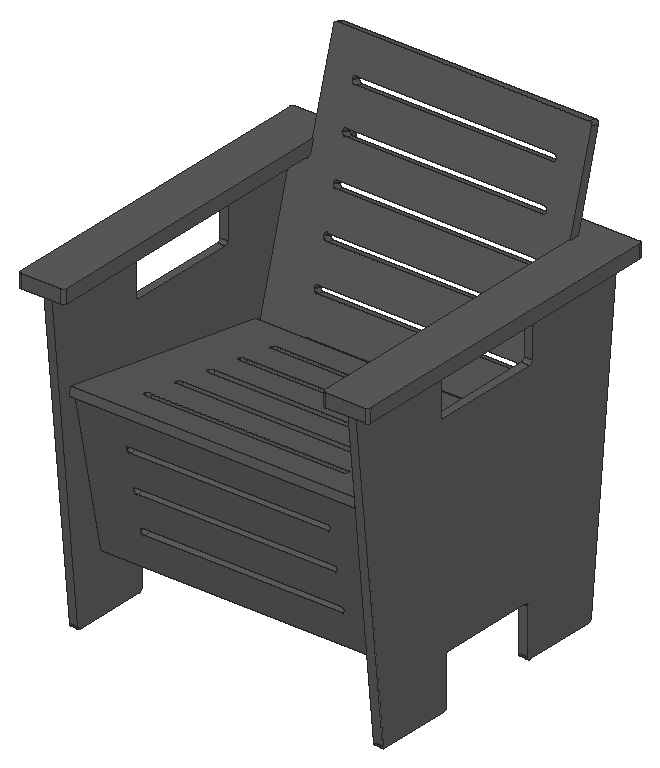
Revit family "Lollygagger Go Club Chair", category Furniture, Revit 2016 (continued)
Automatic sketch dimensions
  Masking region 5 sketch curve to plane 10 = 0' - 0 3/8"
  Masking region 5 sketch curve to plane 5 = 0' - 0 1/4"  (x3)
  Extrusion 7 sketch curve to plane 10 = 0' - 0"
  Extrusion 7 sketch curve to plane 7 = 0' - 0"
  Extrusion 7 sketch curve to plane 6 = 0' - 0"
  Extrusion 7 sketch curve to plane 18 = 0' - 0"
  Extrusion 7 sketch curve to plane 7 = 0' - 0.24727"
  Extrusion 7 sketch curve to Extrusion 7 sketch curve = 0' - 0.2492"
  Extrusion 7 sketch curve to plane 18 = 0' - 0.24727"
  Extrusion 7 sketch curve to Extrusion 7 sketch curve = 0' - 0 1/4"
  Extrusion 7 sketch curve to Extrusion 7 sketch curve = 0' - 1"
  plane 6 to Extrusion 7 sketch curve = 0' - 0.2492"
  Extrusion 7 sketch curve to Extrusion 7 sketch curve = 0' - 0.0008"
  Extrusion 7 sketch curve to plane 11 = 0' - 1.02843"
  Extrusion 8 sketch curve to plane 16 = 0' - 0"
  Extrusion 8 sketch curve to plane 14 = 0' - 0"
  plane 17 to Extrusion 8 sketch curve = 0' - 2 1/16"  (x5)
  Extrusion 8 sketch curve to Extrusion 8 sketch curve = 0' - 0 1/4"  (x10)
  Extrusion 8 sketch curve to Extrusion 8 sketch curve = 0' - 0"  (x10)
  Extrusion 8 sketch curve to plane 18 = 0' - 2 5/16"  (x5)
  Extrusion 8 sketch curve to Extrusion 8 sketch curve = 0' - 2.48958"  (x5)
  Extrusion 8 sketch curve to Extrusion 8 sketch curve = 0' - 0 1/16"  (x5)
  Extrusion 8 sketch curve to Extrusion 8 sketch curve = 0' - 2.73958"
  Extrusion 9 sketch curve to plane 21 = 0' - 0"
  Extrusion 9 sketch curve to plane 20 = 0' - 0.8937"
  plane 21 to Extrusion 9 sketch curve = 0' - 0.70593"
  Extrusion 9 sketch curve to Extrusion 9 sketch curve = 0' - 0.00384"
  Extrusion 9 sketch curve to Extrusion 9 sketch curve = 0' - 0.87548"
  plane 21 to Extrusion 9 sketch curve = 0' - 1.57665"
  Extrusion 9 sketch curve to Extrusion 9 sketch curve = 0' - 0.00476"
  Extrusion 9 sketch curve to Extrusion 9 sketch curve = 0' - 0.62752"
  plane 21 to Extrusion 9 sketch curve = 0' - 0.90927"
  Extrusion 9 sketch curve to Extrusion 9 sketch curve = 0' - 3.99994"
  Extrusion 9 sketch curve to Extrusion 9 sketch curve = 0' - 0.6187"
  plane 21 to Extrusion 9 sketch curve = 0' - 1.54813"
  Extrusion 9 sketch curve to Extrusion 9 sketch curve = 0' - 0.00477"
  Extrusion 9 sketch curve to Extrusion 9 sketch curve = 0' - 0.87462"
  plane 21 to Extrusion 9 sketch curve = 0' - 0.66513"
  Extrusion 9 sketch curve to Extrusion 9 sketch curve = 0' - 0.00362"
  Extrusion 9 sketch curve to Extrusion 9 sketch curve = 0' - 0.22984"
  Extrusion 10 sketch curve to plane 20 = 0' - 0"
  Extrusion 10 sketch curve to plane 1 "Center Front/Back" = 0' - 1.38284"
  Extrusion 10 sketch curve to plane 20 = 0' - 0.66911"
  Extrusion 10 sketch curve to Extrusion 10 sketch curve = 0' - 0.00364"
  Extrusion 10 sketch curve to Extrusion 10 sketch curve = 0' - 0.87548"
  Extrusion 10 sketch curve to plane 20 = 0' - 1.53983"
  Extrusion 10 sketch curve to Extrusion 10 sketch curve = 0' - 0.00476"
  Extrusion 10 sketch curve to Extrusion 10 sketch curve = 0' - 0.62772"
  Extrusion 10 sketch curve to plane 20 = 0' - 0.90927"
  Extrusion 10 sketch curve to Extrusion 10 sketch curve = 0' - 3.99994"
  Extrusion 10 sketch curve to Extrusion 10 sketch curve = 0' - 0.6185"
  Extrusion 10 sketch curve to plane 20 = 0' - 1.51131"
  Extrusion 10 sketch curve to Extrusion 10 sketch curve = 0' - 0.62328"
  Extrusion 10 sketch curve to Extrusion 10 sketch curve = 0' - 0.87482"
  Extrusion 10 sketch curve to plane 20 = 0' - 0.6283"
  Extrusion 10 sketch curve to Extrusion 10 sketch curve = 0' - 0.00342"
  Extrusion 10 sketch curve to Extrusion 10 sketch curve = 0' - 0.26667"
  plane 9 to Extrusion 11 sketch curve = 0' - 0 3/8"
  plane 15 to Extrusion 11 sketch curve = 0' - 0.56039"
  plane 15 to Extrusion 11 sketch curve = 0' - 0.19696"
  plane 15 to Extrusion 11 sketch curve = 0' - 0.18471"
  Extrusion 11 sketch curve to plane 16 = 0' - 0.19086"
  Extrusion 11 sketch curve to plane 16 = 0' - 0.19239"
  Extrusion 11 sketch curve to plane 16 = 0' - 0.56039"
  Extrusion 11 sketch curve to plane 17 = 0' - 0 3/8"
  Extrusion 11 sketch curve to plane 11 = 0' - 3.85509"
  Extrusion 11 sketch curve to Extrusion 11 sketch curve = 0' - 0.50665"
  Extrusion 11 sketch curve to Extrusion 11 sketch curve = 0' - 0.49897"
  Extrusion 11 sketch curve to Extrusion 11 sketch curve = 0' - 0.5016"
  plane 18 to Extrusion 12 sketch curve = 0' - 0 3/8"
  Extrusion 12 sketch curve to plane 14 = 0' - 0.56039"
  Extrusion 12 sketch curve to plane 14 = 0' - 0.19239"
  Extrusion 12 sketch curve to plane 14 = 0' - 0.19086"
  plane 13 to Extrusion 12 sketch curve = 0' - 0.18471"
  plane 13 to Extrusion 12 sketch curve = 0' - 0.19696"
  plane 13 to Extrusion 12 sketch curve = 0' - 0.56039"
  Extrusion 12 sketch curve to plane 10 = 0' - 0 3/8"
  Extrusion 12 sketch curve to plane 12 = 0' - 0.23033"
  Extrusion 12 sketch curve to Extrusion 12 sketch curve = 0' - 0.50665"
  Extrusion 12 sketch curve to Extrusion 12 sketch curve = 0' - 0.49897"
  Extrusion 12 sketch curve to Extrusion 12 sketch curve = 0' - 0.5016"
  plane 18 to Extrusion 13 sketch curve = 0' - 0 3/8"
  Extrusion 13 sketch curve to plane 14 = 0' - 0.56039"
  Extrusion 13 sketch curve to plane 14 = 0' - 0.19239"
  Extrusion 13 sketch curve to plane 14 = 0' - 0.19086"
  plane 13 to Extrusion 13 sketch curve = 0' - 0.18471"
  plane 13 to Extrusion 13 sketch curve = 0' - 0.19696"
  plane 13 to Extrusion 13 sketch curve = 0' - 0.56039"
  Extrusion 13 sketch curve to plane 10 = 0' - 0 3/8"
  Extrusion 13 sketch curve to plane 11 = 0' - 3.85509"
  Extrusion 13 sketch curve to Extrusion 13 sketch curve = 0' - 0.50665"
  Extrusion 13 sketch curve to Extrusion 13 sketch curve = 0' - 0.49897"
  Extrusion 13 sketch curve to Extrusion 13 sketch curve = 0' - 0.5016"
  Extrusion 14 sketch curve to plane 18 = 0' - 0"
  Extrusion 14 sketch curve to plane 17 = 0' - 0"
  Extrusion 14 sketch curve to plane 14 = 0' - 0"
  Extrusion 14 sketch curve to plane 16 = 0' - 0"
  Extrusion 14 sketch curve to plane 18 = 0' - 0 1/4"
  Extrusion 14 sketch curve to Extrusion 14 sketch curve = 0' - 0 1/4"  (x14)
  Extrusion 14 sketch curve to Extrusion 14 sketch curve = 0' - 2.47222"
  Extrusion 14 sketch curve to Extrusion 14 sketch curve = 0' - 0.27799"  (x7)
  Extrusion 14 sketch curve to Extrusion 14 sketch curve = 0' - 0 1/16"  (x8)
  Extrusion 14 sketch curve to Extrusion 14 sketch curve = 0' - 0.07589"  (x7)
  Extrusion 14 sketch curve to Extrusion 14 sketch curve = 0' - 2.72222"  (x4)
  Extrusion 14 sketch curve to Extrusion 14 sketch curve = 0' - 0.20862"  (x3)
  Extrusion 14 sketch curve to Extrusion 14 sketch curve = 0' - 2.34917"
  Extrusion 14 sketch curve to Extrusion 14 sketch curve = 0' - 2.14055"
  Extrusion 14 sketch curve to Extrusion 14 sketch curve = 0' - 0.58167"
  Extrusion 14 sketch curve to Extrusion 14 sketch curve = 0' - 2.78472"
  Extrusion 14 sketch curve to Extrusion 14 sketch curve = 0' - 2.65972"
  Extrusion 14 sketch curve to Extrusion 14 sketch curve = 0' - 0.27964"
  Extrusion 14 sketch curve to Extrusion 14 sketch curve = 0' - 0.03286"
  Extrusion 14 sketch curve to Extrusion 14 sketch curve = 0' - 2.97222"
  plane 17 to Extrusion 14 sketch curve = 0' - 2 1/16"  (x8)
  Extrusion 14 sketch curve to plane 18 = 0' - 2.34214"
  Extrusion 14 sketch curve to plane 18 = 0' - 2.34049"  (x7)
  plane 17 to Masking region 6 sketch curve = 0' - 0 1/4"
  plane 17 to Masking region 6 sketch curve = 0' - 2 5/16"  (x4)
  Masking region 6 sketch curve to plane 5 = 0' - 0.98608"
  Masking region 6 sketch curve to Masking region 6 sketch curve = 0' - 0"  (x8)
  plane 4 to Masking region 6 sketch curve = 0' - 1.1714"
  Masking region 6 sketch curve to plane 18 = 0' - 2.34049"  (x4)
  Masking region 6 sketch curve to Masking region 6 sketch curve = 0' - 0.06938"  (x4)
  Masking region 6 sketch curve to plane 18 = 0' - 0 1/4"
  Masking region 6 sketch curve to Masking region 6 sketch curve = 0' - 0.36844"  (x4)
  Masking region 6 sketch curve to Masking region 6 sketch curve = 0' - 2.78904"  (x2)
  plane 8 to Masking region 6 sketch curve = 0' - 0.06906"
  Masking region 6 sketch curve to plane 5 = 0' - 0 1/4"  (x2)
  Masking region 6 sketch curve to Masking region 6 sketch curve = 0' - 2.53904"
  Masking region 6 sketch curve to Masking region 6 sketch curve = 0' - 0.24309"  (x4)
  Masking region 6 sketch curve to Masking region 6 sketch curve = 0' - 0 1/4"  (x4)
  Masking region 6 sketch curve to Masking region 6 sketch curve = 0' - 0.20304"  (x4)
  Masking region 6 sketch curve to Masking region 6 sketch curve = 0' - 0.00558"  (x8)
  Masking region 6 sketch curve to Masking region 6 sketch curve = 0' - 0.12812"  (x4)
  Masking region 6 sketch curve to Masking region 6 sketch curve = 0' - 0.1679"  (x2)
  Masking region 6 sketch curve to Masking region 6 sketch curve = 0' - 0.10121"  (x2)
  Extrusion 15 sketch curve to plane 16 = 0' - 0"
  Extrusion 15 sketch curve to plane 14 = 0' - 0"
  plane 20 to Extrusion 15 sketch curve = 0' - 0 3/16"
  Extrusion 15 sketch curve to plane 20 = 0' - 3 9/16"
  Extrusion 16 sketch curve to plane 12 = 0' - 0.78743"
  Extrusion 16 sketch curve to plane 20 = 0' - 2.08096"
  Extrusion 16 sketch curve to Extrusion 16 sketch curve = 0' - 0.00384"
  Extrusion 16 sketch curve to Extrusion 16 sketch curve = 0' - 0.87548"
  Extrusion 16 sketch curve to Extrusion 16 sketch curve = 0' - 0.00476"
  Extrusion 16 sketch curve to Extrusion 16 sketch curve = 0' - 0.62762"
  Extrusion 16 sketch curve to Extrusion 16 sketch curve = 0' - 3.99994"
  Extrusion 16 sketch curve to Extrusion 16 sketch curve = 0' - 0.6186"
  Extrusion 16 sketch curve to Extrusion 16 sketch curve = 0' - 0.00477"  (x2)
  Extrusion 16 sketch curve to Extrusion 16 sketch curve = 0' - 0.87461"
  Extrusion 16 sketch curve to Extrusion 16 sketch curve = 0' - 0.00362"
  Extrusion 16 sketch curve to Extrusion 16 sketch curve = 0' - 0.66576"
  Extrusion 16 sketch curve to Extrusion 16 sketch curve = 0' - 0.7018"
  Extrusion 16 sketch curve to Extrusion 16 sketch curve = 0' - 0.70656"
  Extrusion 16 sketch curve to Extrusion 16 sketch curve = 0' - 0.25829"
  Extrusion 16 sketch curve to Extrusion 16 sketch curve = 0' - 0.24877"
  Extrusion 17 sketch curve to plane 21 = 0' - 0"
  Extrusion 17 sketch curve to plane 20 = 0' - 0.8937"
  plane 21 to Extrusion 17 sketch curve = 0' - 0.70593"
  Extrusion 17 sketch curve to Extrusion 17 sketch curve = 0' - 0.00384"
  Extrusion 17 sketch curve to Extrusion 17 sketch curve = 0' - 0.87548"
  plane 21 to Extrusion 17 sketch curve = 0' - 1.57665"
  Extrusion 17 sketch curve to Extrusion 17 sketch curve = 0' - 0.00476"
  Extrusion 17 sketch curve to Extrusion 17 sketch curve = 0' - 0.62752"
  plane 21 to Extrusion 17 sketch curve = 0' - 0.90927"
  Extrusion 17 sketch curve to Extrusion 17 sketch curve = 0' - 3.99994"
  Extrusion 17 sketch curve to Extrusion 17 sketch curve = 0' - 0.6187"
  plane 21 to Extrusion 17 sketch curve = 0' - 1.54813"
  Extrusion 17 sketch curve to Extrusion 17 sketch curve = 0' - 0.00477"
  Extrusion 17 sketch curve to Extrusion 17 sketch curve = 0' - 0.87462"
  plane 21 to Extrusion 17 sketch curve = 0' - 0.66513"
  Extrusion 17 sketch curve to Extrusion 17 sketch curve = 0' - 0.00362"
  Extrusion 17 sketch curve to Extrusion 17 sketch curve = 0' - 0.22984"
  Extrusion 18 sketch curve to plane 20 = 0' - 0"
  Extrusion 18 sketch curve to plane 1 "Center Front/Back" = 0' - 1.38284"
  Extrusion 18 sketch curve to plane 20 = 0' - 0.66911"
  Extrusion 18 sketch curve to Extrusion 18 sketch curve = 0' - 0.00364"
  Extrusion 18 sketch curve to Extrusion 18 sketch curve = 0' - 0.87548"
  Extrusion 18 sketch curve to plane 20 = 0' - 1.53983"
  Extrusion 18 sketch curve to Extrusion 18 sketch curve = 0' - 0.00476"
  Extrusion 18 sketch curve to Extrusion 18 sketch curve = 0' - 0.62772"
  Extrusion 18 sketch curve to plane 20 = 0' - 0.90927"
  Extrusion 18 sketch curve to Extrusion 18 sketch curve = 0' - 3.99994"
  Extrusion 18 sketch curve to Extrusion 18 sketch curve = 0' - 0.6185"
  Extrusion 18 sketch curve to plane 20 = 0' - 1.51131"
  Extrusion 18 sketch curve to Extrusion 18 sketch curve = 0' - 0.62328"
  Extrusion 18 sketch curve to Extrusion 18 sketch curve = 0' - 0.87482"
  Extrusion 18 sketch curve to plane 20 = 0' - 0.6283"
  Extrusion 18 sketch curve to Extrusion 18 sketch curve = 0' - 0.00342"
  Extrusion 18 sketch curve to Extrusion 18 sketch curve = 0' - 0.26667"
  plane 17 to Masking region 7 sketch curve = 0' - 0.05267"
  Masking region 7 sketch curve to Masking region 7 sketch curve = 0' - 0.09258"
  Masking region 7 sketch curve to plane 6 = 0' - 0.01504"  (x2)
  plane 17 to Masking region 7 sketch curve = 0' - 0.1561"
  Masking region 7 sketch curve to plane 18 = 0' - 0.1561"
  Masking region 7 sketch curve to plane 18 = 0' - 0.1393"
  Masking region 7 sketch curve to plane 18 = 0' - 0.05267"
  plane 12 to Masking region 7 sketch curve = 0' - 0.82117"
  plane 6 to Masking region 7 sketch curve = 0' - 0.15754"  (x2)
  Masking region 7 sketch curve to Masking region 7 sketch curve = 0' - 0.0212"
  Masking region 7 sketch curve to Masking region 7 sketch curve = 0' - 0.02209"
  Masking region 7 sketch curve to Masking region 7 sketch curve = 0' - 0.08459"
  plane 17 to curve 27 = 0' - 2 1/16"
  curve 3 to plane 1 "Center Front/Back" = 0' - 1.02469"
  plane 17 to curve 3 = 0' - 2 1/16"
  plane 17 to curve 11 = 0' - 2 1/16"
  plane 17 to curve 19 = 0' - 2 1/16"
  curve 19 to curve 22 = 0' - 0 1/4"
  curve 3 to curve 6 = 0' - 0 1/4"
  curve 27 to curve 30 = 0' - 0 1/4"
  curve 11 to curve 10 = 0' - 0 1/4"
  curve 18 to curve 20 = 0' - 0"
  curve 26 to curve 28 = 0' - 0"
  curve 14 to curve 13 = 0' - 0"
  curve 2 to curve 4 = 0' - 0"
  curve 18 to plane 18 = 0' - 2 5/16"
  curve 10 to plane 18 = 0' - 2 5/16"
  curve 22 to curve 24 = 0' - 0"
  curve 6 to plane 1 "Center Front/Back" = 0' - 0.77849"
  curve 6 to plane 18 = 0' - 2 5/16"
  curve 30 to plane 18 = 0' - 2 5/16"
  curve 2 to curve 7 = 0' - 0"
  curve 26 to curve 31 = 0' - 0"
  curve 14 to curve 16 = 0' - 0"
  curve 23 to curve 25 = 0' - 0 1/4"
  curve 15 to curve 17 = 0' - 0 1/4"
  curve 7 to curve 9 = 0' - 0 1/4"
  curve 32 to curve 33 = 0' - 0 1/4"
  plane 1 "Center Front/Back" to curve 18 = 0' - 1.78181"
  curve 19 to curve 21 = 0' - 0.2462"
  curve 25 to curve 18 = 0' - 0.2462"
  curve 25 to curve 25 = 0' - 0.06155"
  curve 19 to curve 21 = 0' - 0.06155"
  curve 22 to curve 23 = 0' - 0.2462"
  curve 26 to curve 22 = 0' - 2.45176"
  curve 27 to curve 26 = 0' - 0.2462"
  curve 33 to curve 26 = 0' - 0.2462"
  curve 33 to curve 32 = 0' - 0.06155"
  curve 27 to curve 27 = 0' - 0.06155"
  curve 30 to curve 31 = 0' - 0.2462"
  curve 7 to curve 9 = 0' - 0.2462"
  curve 7 to curve 9 = 0' - 0.06155"
  curve 3 to curve 3 = 0' - 0.06155"
  curve 5 to curve 2 = 0' - 0.2462"
  curve 8 to curve 14 = 0' - 2.45176"
  curve 14 to curve 11 = 0' - 0.2462"
  curve 14 to curve 17 = 0' - 0.2462"
  curve 11 to curve 11 = 0' - 0.06155"
  curve 15 to curve 17 = 0' - 0.06155"
  curve 16 to curve 10 = 0' - 0.2462"
  curve 34 to plane 17 = 0' - 0"
  curve 34 to plane 18 = 0' - 0"
  curve 34 to plane 11 = 0' - 3.18762"
  radius of Extrusion 5 sketch curve = 0' - 0.15567"  (x2)
  radius of Extrusion 6 sketch curve = 0' - 0.15388"  (x2)
  radius of Extrusion 9 sketch curve = 0' - 0.15567"  (x2)
  radius of Extrusion 10 sketch curve = 0' - 0.15567"  (x2)
  radius of Extrusion 11 sketch curve = 0' - 0.15388"  (x2)
  radius of Extrusion 12 sketch curve = 0' - 0.15388"  (x2)
  radius of Extrusion 13 sketch curve = 0' - 0.15388"  (x2)
  radius of Extrusion 16 sketch curve = 0' - 0.15567"  (x2)
  radius of Extrusion 17 sketch curve = 0' - 0.15567"  (x2)
  radius of Extrusion 18 sketch curve = 0' - 0.15567"  (x2)
Types (11): name | Finish Material
  Loll-Black | Loll-Black
  Loll-Sunset | Loll-Sunset
  Loll-Chocolate | Loll-Chocolate
  Loll-Sky | Loll-Sky
  Loll-Apple | Loll-Apple
  Loll-Leaf | Loll-Leaf
  Loll-Evergreen | Loll-Evergreen
  Loll-Charcoal | Loll-Charcoal
  Loll-Sand | Loll-Sand
  Loll-Navy Blue | Loll-Navy Blue
  Loll-White | Loll-White
